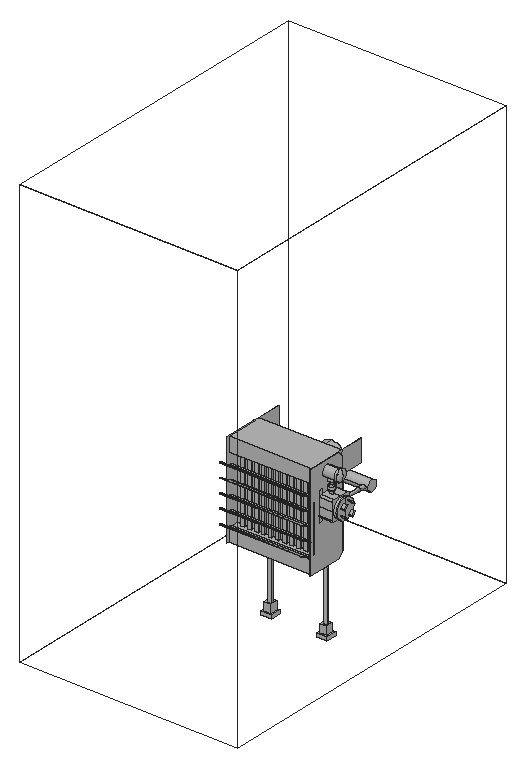
Revit family "Heater-BERKO-Explosion_Proof_Unit", category Mechanical Equipment, host Face, Revit 2020 (continued)
Definition of nested family "Unit_Heater"
  Dimensions and locks (in)
    aligned and locked: Extrusion 14 to Extrusion 4
    aligned and locked: Extrusion 15 to Extrusion 4
    aligned and locked: Extrusion 16 to Extrusion 4
    aligned and locked: Extrusion 17 to Extrusion 4
    aligned and locked: Extrusion 18 to Extrusion 4
    aligned and locked: Extrusion 19 to Extrusion 4
    aligned and locked: Extrusion 20 to Extrusion 4
    aligned and locked: Extrusion 21 to Extrusion 4
    aligned and locked: Extrusion 22 to Extrusion 4
    aligned and locked: Extrusion 66 to Revolve 50
    aligned and locked: plane 7 to Extrusion 66
    aligned and locked: Extrusion 82 to Extrusion 4
    aligned and locked: Extrusion 119 to plane 8
    aligned and locked: plane 4 to Extrusion 119
    aligned and locked: Extrusion 119 to plane 5
    aligned and locked: plane 1 "Center (Front/Back)" to Extrusion 119
    aligned and locked: plane 4 to Extrusion 120
    aligned and locked: Extrusion 120 to Extrusion 51
    aligned and locked: cut or joined group of Extrusion 119, Extrusion 120 to Extrusion 121  (x2)
    aligned and locked: cut or joined group of Extrusion 119, Extrusion 120 to Extrusion 122
    aligned and locked: cut or joined group of Extrusion 119, Extrusion 120 to Extrusion 123
    aligned and locked: cut or joined group of Extrusion 119, Extrusion 120 to Extrusion 124  (x2)
    aligned and locked: Extrusion 127 to plane 9
    aligned and locked: plane 10 to Extrusion 127
    aligned and locked: Extrusion 127 to plane 11
    aligned and locked: Extrusion 127 to plane 12
    aligned and locked: plane 13 to Extrusion 127
    aligned and locked: plane 12 to Extrusion 127
    aligned and locked: Extrusion 127 to plane 13
    aligned and locked: Extrusion 127 to plane 10
    aligned and locked: plane 6 to Extrusion 127
  Automatic sketch dimensions
    Revolve 50 sketch curve to Revolve 50 sketch curve = 0' - 0.34851"
    Revolve 50 sketch curve to Revolve 50 sketch curve = 0' - 1.38159"
    Revolve 50 sketch curve to Revolve 50 sketch curve = 0' - 0 35/256"
    Revolve 50 sketch curve to Revolve 50 sketch curve = 0' - 0"  (x2)
    Revolve 50 sketch curve to Revolve 50 sketch curve = 0' - 0 1/4"
    Extrusion 51 sketch curve to Extrusion 51 sketch curve = 0' - 0 1/2"  (x3)
    Extrusion 51 sketch curve to Extrusion 51 sketch curve = 0' - 2 99/256"  (x7)
    Extrusion 51 sketch curve to Extrusion 51 sketch curve = 0' - 0"  (x4)
    Extrusion 52 sketch curve to Extrusion 52 sketch curve = 0' - 0.37513"
    Extrusion 52 sketch curve to Extrusion 52 sketch curve = 0' - 0 1/2"  (x3)
    Extrusion 52 sketch curve to Extrusion 52 sketch curve = 0' - 0.24973"
    Extrusion 52 sketch curve to Extrusion 52 sketch curve = 0' - 0 3/4"
    Extrusion 52 sketch curve to Extrusion 52 sketch curve = 0' - 0"
    Extrusion 53 sketch curve to Extrusion 53 sketch curve = 0' - 0.37513"
    Extrusion 53 sketch curve to Extrusion 53 sketch curve = 0' - 0 1/2"  (x3)
    Extrusion 53 sketch curve to Extrusion 53 sketch curve = 0' - 0.24973"
    Extrusion 53 sketch curve to Extrusion 53 sketch curve = 0' - 0 3/4"
    Extrusion 53 sketch curve to Extrusion 53 sketch curve = 0' - 0"
    Extrusion 54 sketch curve to Extrusion 54 sketch curve = 0' - 0.37513"
    Extrusion 54 sketch curve to Extrusion 54 sketch curve = 0' - 0 1/2"  (x3)
    Extrusion 54 sketch curve to Extrusion 54 sketch curve = 0' - 0.24973"
    Extrusion 54 sketch curve to Extrusion 54 sketch curve = 0' - 0 3/4"
    Extrusion 54 sketch curve to Extrusion 54 sketch curve = 0' - 0"
    Extrusion 55 sketch curve to Extrusion 55 sketch curve = 0' - 0.37513"
    Extrusion 55 sketch curve to Extrusion 55 sketch curve = 0' - 0 1/2"  (x3)
    Extrusion 55 sketch curve to Extrusion 55 sketch curve = 0' - 0.24973"
    Extrusion 55 sketch curve to Extrusion 55 sketch curve = 0' - 0 3/4"
    Extrusion 55 sketch curve to Extrusion 55 sketch curve = 0' - 0"
    Revolve 56 sketch curve to Revolve 56 sketch curve = 0' - 0"  (x2)
    Revolve 56 sketch curve to Revolve 56 sketch curve = 0' - 0 1/4"
    Revolve 56 sketch curve to Revolve 56 sketch curve = 0' - 0.34661"
    Revolve 56 sketch curve to Revolve 56 sketch curve = 0' - 0.16732"
    Revolve 56 sketch curve to Revolve 56 sketch curve = 0' - 0.15339"
    Revolve 56 sketch curve to Revolve 56 sketch curve = 0' - 0.41732"
    Revolve 56 sketch curve to Revolve 56 sketch curve = 0' - 0 1/2"  (x3)
    Revolve 56 sketch curve to Revolve 56 sketch curve = 0' - 1.15798"
    Revolve 56 sketch curve to Revolve 56 sketch curve = 0' - 1.42626"
    Revolve 56 sketch curve to Revolve 56 sketch curve = 0' - 0.81406"
    Revolve 57 sketch curve to Revolve 57 sketch curve = 0' - 0.57859"  (x2)
    Revolve 57 sketch curve to Revolve 57 sketch curve = 0' - 1.85294"
    Revolve 57 sketch curve to Revolve 57 sketch curve = 0' - 1.8364"
    Revolve 57 sketch curve to Revolve 57 sketch curve = 0' - 1.50877"
    Revolve 57 sketch curve to Revolve 57 sketch curve = 0' - 0.17621"
    Revolve 57 sketch curve to Revolve 57 sketch curve = 0' - 0"  (x2)
    Revolve 57 sketch curve to Revolve 57 sketch curve = 0' - 0 1/2"
    Revolve 50 sketch curve to Revolve 50 sketch curve = 0' - 2 3/4"
    Revolve 56 sketch curve to Revolve 56 sketch curve = 0' - 1.7597"
    Revolve 56 sketch curve to Revolve 56 sketch curve = 0' - 0.31406"
    curve 1 to curve 1 = 0' - 1 1/4"
    Revolve 58 sketch curve to Revolve 58 sketch curve = 0' - 0.34851"
    Revolve 58 sketch curve to Revolve 58 sketch curve = 0' - 1.38159"
    Revolve 58 sketch curve to Revolve 58 sketch curve = 0' - 0 35/256"
    Revolve 58 sketch curve to Revolve 58 sketch curve = 0' - 0"  (x2)
    Revolve 58 sketch curve to Revolve 58 sketch curve = 0' - 0 1/4"
    Extrusion 59 sketch curve to Extrusion 59 sketch curve = 0' - 0 1/2"  (x3)
    Extrusion 59 sketch curve to Extrusion 59 sketch curve = 0' - 2 99/256"  (x7)
    Extrusion 59 sketch curve to Extrusion 59 sketch curve = 0' - 0"  (x4)
    Extrusion 60 sketch curve to Extrusion 60 sketch curve = 0' - 0.37513"
    Extrusion 60 sketch curve to Extrusion 60 sketch curve = 0' - 0 1/2"  (x3)
    Extrusion 60 sketch curve to Extrusion 60 sketch curve = 0' - 0.24973"
    Extrusion 60 sketch curve to Extrusion 60 sketch curve = 0' - 0 3/4"
    Extrusion 60 sketch curve to Extrusion 60 sketch curve = 0' - 0"
    Extrusion 61 sketch curve to Extrusion 61 sketch curve = 0' - 0.37513"
    Extrusion 61 sketch curve to Extrusion 61 sketch curve = 0' - 0 1/2"  (x3)
    Extrusion 61 sketch curve to Extrusion 61 sketch curve = 0' - 0.24973"
    Extrusion 61 sketch curve to Extrusion 61 sketch curve = 0' - 0 3/4"
    Extrusion 61 sketch curve to Extrusion 61 sketch curve = 0' - 0"
    Extrusion 62 sketch curve to Extrusion 62 sketch curve = 0' - 0.37513"
    Extrusion 62 sketch curve to Extrusion 62 sketch curve = 0' - 0 1/2"  (x3)
    Extrusion 62 sketch curve to Extrusion 62 sketch curve = 0' - 0.24973"
    Extrusion 62 sketch curve to Extrusion 62 sketch curve = 0' - 0 3/4"
    Extrusion 62 sketch curve to Extrusion 62 sketch curve = 0' - 0"
    Extrusion 63 sketch curve to Extrusion 63 sketch curve = 0' - 0.37513"
    Extrusion 63 sketch curve to Extrusion 63 sketch curve = 0' - 0 1/2"  (x3)
    Extrusion 63 sketch curve to Extrusion 63 sketch curve = 0' - 0.24973"
    Extrusion 63 sketch curve to Extrusion 63 sketch curve = 0' - 0 3/4"
    Extrusion 63 sketch curve to Extrusion 63 sketch curve = 0' - 0"
    Revolve 64 sketch curve to Revolve 64 sketch curve = 0' - 0"  (x2)
    Revolve 64 sketch curve to Revolve 64 sketch curve = 0' - 0 1/4"
    Revolve 64 sketch curve to Revolve 64 sketch curve = 0' - 0.34661"
    Revolve 64 sketch curve to Revolve 64 sketch curve = 0' - 0.16732"
    Revolve 64 sketch curve to Revolve 64 sketch curve = 0' - 0.15339"
    Revolve 64 sketch curve to Revolve 64 sketch curve = 0' - 0.41732"
    Revolve 64 sketch curve to Revolve 64 sketch curve = 0' - 0 1/2"  (x3)
    Revolve 64 sketch curve to Revolve 64 sketch curve = 0' - 1.15798"
    Revolve 64 sketch curve to Revolve 64 sketch curve = 0' - 1.42626"
    Revolve 64 sketch curve to Revolve 64 sketch curve = 0' - 0.81406"
    Revolve 65 sketch curve to Revolve 65 sketch curve = 0' - 0.57859"  (x2)
    Revolve 65 sketch curve to Revolve 65 sketch curve = 0' - 1.85294"
    Revolve 65 sketch curve to Revolve 65 sketch curve = 0' - 1.8364"
    Revolve 65 sketch curve to Revolve 65 sketch curve = 0' - 1.50877"
    Revolve 65 sketch curve to Revolve 65 sketch curve = 0' - 0.17621"
    Revolve 65 sketch curve to Revolve 65 sketch curve = 0' - 0"  (x2)
    Revolve 65 sketch curve to Revolve 65 sketch curve = 0' - 0 1/2"
    Revolve 58 sketch curve to Revolve 58 sketch curve = 0' - 2 3/4"
    Revolve 64 sketch curve to Revolve 64 sketch curve = 0' - 1.7597"
    Revolve 64 sketch curve to Revolve 64 sketch curve = 0' - 0.31406"
    curve 2 to curve 2 = 0' - 1 1/4"
    Extrusion 66 sketch curve to Extrusion 66 sketch curve = 0' - 0"  (x2)
    Extrusion 66 sketch curve to Extrusion 66 sketch curve = 0' - 0.08839"  (x8)
    Extrusion 66 sketch curve to Extrusion 66 sketch curve = 0' - 1.06066"  (x4)
    Extrusion 66 sketch curve to Extrusion 66 sketch curve = 0' - 1.64929"  (x4)
    Revolve 68 sketch curve to Revolve 68 sketch curve = 0' - 0 1/2"
    Revolve 68 sketch curve to Revolve 68 sketch curve = 0' - 0 5/32"
    Revolve 68 sketch curve to Revolve 68 sketch curve = 0' - 0 3/4"
    Revolve 68 sketch curve to Revolve 68 sketch curve = 0' - 0"
    Revolve 68 sketch curve to Revolve 68 sketch curve = 0' - 2"
    Revolve 68 sketch curve to Revolve 68 sketch curve = 0' - 9 11/32"
    Revolve 68 sketch curve to Revolve 68 sketch curve = 0' - 3"
    Extrusion 69 sketch curve to Extrusion 69 sketch curve = 0' - 4.12905"
    Extrusion 69 sketch curve to Extrusion 69 sketch curve = 0' - 2.22711"
    Revolve 70 sketch curve to Revolve 70 sketch curve = 0' - 0 1/2"
    Revolve 70 sketch curve to Revolve 70 sketch curve = 0' - 0 5/32"
    Revolve 70 sketch curve to Revolve 70 sketch curve = 0' - 0 3/4"
    Revolve 70 sketch curve to Revolve 70 sketch curve = 0' - 0"
    Revolve 70 sketch curve to Revolve 70 sketch curve = 0' - 2"
    Revolve 70 sketch curve to Revolve 70 sketch curve = 0' - 9 11/32"
    Revolve 70 sketch curve to Revolve 70 sketch curve = 0' - 3"
    Revolve 72 sketch curve to Revolve 72 sketch curve = 0' - 2.65878"
    Revolve 72 sketch curve to Revolve 72 sketch curve = 0' - 0.40211"
    Revolve 72 sketch curve to Revolve 72 sketch curve = 0' - 0.16268"
    Revolve 72 sketch curve to Revolve 72 sketch curve = 0' - 0.63428"
    Revolve 72 sketch curve to Revolve 72 sketch curve = 0' - 0 3/4"
    Revolve 72 sketch curve to Revolve 72 sketch curve = 0' - 0"
    Revolve 72 sketch curve to Revolve 72 sketch curve = 0' - 8.51314"
    Extrusion 73 sketch curve to Extrusion 73 sketch curve = 0' - 0 3/8"
    Extrusion 74 sketch curve to Extrusion 74 sketch curve = 0' - 0 3/8"
    Extrusion 75 sketch curve to Extrusion 75 sketch curve = 0' - 0 3/8"
    Extrusion 76 sketch curve to Extrusion 76 sketch curve = 0' - 0 3/8"
    Extrusion 77 sketch curve to Extrusion 77 sketch curve = 0' - 0 3/8"
    Extrusion 78 sketch curve to Extrusion 78 sketch curve = 0' - 0 3/8"
    Extrusion 84 sketch curve to Extrusion 84 sketch curve = 0' - 0 3/8"
    Extrusion 85 sketch curve to Extrusion 85 sketch curve = 0' - 0 3/8"
    Extrusion 86 sketch curve to Extrusion 86 sketch curve = 0' - 0 3/8"
    Extrusion 87 sketch curve to Extrusion 87 sketch curve = 0' - 0 3/8"
    Extrusion 88 sketch curve to Extrusion 88 sketch curve = 0' - 0 3/8"
    Extrusion 84 sketch curve to Extrusion 84 sketch curve = 1' - 11 5/8"
    Extrusion 85 sketch curve to Extrusion 85 sketch curve = 1' - 11 5/8"
    Extrusion 86 sketch curve to Extrusion 86 sketch curve = 1' - 11 5/8"
    Extrusion 87 sketch curve to Extrusion 87 sketch curve = 1' - 11 5/8"
    Extrusion 88 sketch curve to Extrusion 88 sketch curve = 1' - 11 5/8"
    Extrusion 89 sketch curve to Extrusion 89 sketch curve = 0' - 0 3/8"
    Extrusion 90 sketch curve to Extrusion 90 sketch curve = 0' - 0 3/8"
    Extrusion 91 sketch curve to Extrusion 91 sketch curve = 0' - 0 3/8"
    Extrusion 92 sketch curve to Extrusion 92 sketch curve = 0' - 0 3/8"
    Extrusion 93 sketch curve to Extrusion 93 sketch curve = 0' - 0 3/8"
    Extrusion 89 sketch curve to Extrusion 89 sketch curve = 1' - 11 5/8"
    Extrusion 90 sketch curve to Extrusion 90 sketch curve = 1' - 11 5/8"
    Extrusion 91 sketch curve to Extrusion 91 sketch curve = 1' - 11 5/8"
    Extrusion 92 sketch curve to Extrusion 92 sketch curve = 1' - 11 5/8"
    Extrusion 93 sketch curve to Extrusion 93 sketch curve = 1' - 11 5/8"
    Extrusion 73 sketch curve to Extrusion 73 sketch curve = 1' - 7 5/8"
    Extrusion 74 sketch curve to Extrusion 74 sketch curve = 1' - 7 5/8"
    Extrusion 75 sketch curve to Extrusion 75 sketch curve = 1' - 7 5/8"
    Extrusion 76 sketch curve to Extrusion 76 sketch curve = 1' - 7 5/8"
    Extrusion 77 sketch curve to Extrusion 77 sketch curve = 1' - 7 5/8"
    Extrusion 78 sketch curve to Extrusion 78 sketch curve = 1' - 7 5/8"
    Extrusion 94 sketch curve to Extrusion 94 sketch curve = 0' - 0 3/8"
    Extrusion 95 sketch curve to Extrusion 95 sketch curve = 0' - 0 3/8"
    Extrusion 96 sketch curve to Extrusion 96 sketch curve = 0' - 0 3/8"
    Extrusion 97 sketch curve to Extrusion 97 sketch curve = 0' - 0 3/8"
    Extrusion 98 sketch curve to Extrusion 98 sketch curve = 0' - 0 3/8"
    Extrusion 99 sketch curve to Extrusion 99 sketch curve = 0' - 0 3/8"
    Extrusion 94 sketch curve to Extrusion 94 sketch curve = 1' - 7 5/8"
    Extrusion 95 sketch curve to Extrusion 95 sketch curve = 1' - 7 5/8"
    Extrusion 96 sketch curve to Extrusion 96 sketch curve = 1' - 7 5/8"
    Extrusion 97 sketch curve to Extrusion 97 sketch curve = 1' - 7 5/8"
    Extrusion 98 sketch curve to Extrusion 98 sketch curve = 1' - 7 5/8"
    Extrusion 99 sketch curve to Extrusion 99 sketch curve = 1' - 7 5/8"
    Extrusion 100 sketch curve to Extrusion 100 sketch curve = 0' - 0 3/8"
    Extrusion 100 sketch curve to Extrusion 100 sketch curve = 1' - 11 5/8"
    Extrusion 101 sketch curve to Extrusion 101 sketch curve = 0' - 0 3/8"
    Extrusion 101 sketch curve to Extrusion 101 sketch curve = 1' - 11 5/8"
    Extrusion 102 sketch curve to Extrusion 102 sketch curve = 0' - 0 3/8"
    Extrusion 102 sketch curve to Extrusion 102 sketch curve = 1' - 11 5/8"
    Extrusion 103 sketch curve to Extrusion 103 sketch curve = 0' - 0 3/8"
    Extrusion 103 sketch curve to Extrusion 103 sketch curve = 1' - 11 5/8"
    Extrusion 104 sketch curve to Extrusion 104 sketch curve = 0' - 0 3/8"
    Extrusion 104 sketch curve to Extrusion 104 sketch curve = 1' - 11 5/8"
    Extrusion 17 sketch curve to Extrusion 17 sketch curve = 0' - 0 3/4"
    Extrusion 17 sketch curve to Extrusion 17 sketch curve = 0' - 0 1/2"  (x3)
    Extrusion 18 sketch curve to Extrusion 18 sketch curve = 0' - 0 3/4"
    Extrusion 18 sketch curve to Extrusion 18 sketch curve = 0' - 0 1/2"  (x3)
    Extrusion 19 sketch curve to Extrusion 19 sketch curve = 0' - 0 3/4"
    Extrusion 19 sketch curve to Extrusion 19 sketch curve = 0' - 0 1/2"  (x3)
    Extrusion 20 sketch curve to Extrusion 20 sketch curve = 0' - 0 3/4"
    Extrusion 20 sketch curve to Extrusion 20 sketch curve = 0' - 0 1/2"  (x3)
    Extrusion 22 sketch curve to Extrusion 22 sketch curve = 0' - 0 3/4"
    Extrusion 22 sketch curve to Extrusion 22 sketch curve = 0' - 0 1/2"  (x3)
    Extrusion 82 sketch curve to Extrusion 82 sketch curve = 0' - 0 3/4"
    Extrusion 82 sketch curve to Extrusion 82 sketch curve = 0' - 0 1/2"  (x3)
    Extrusion 105 sketch curve to Extrusion 105 sketch curve = 0' - 0 3/8"
    Extrusion 105 sketch curve to Extrusion 105 sketch curve = 1' - 11 5/8"
    Extrusion 112 sketch curve to Extrusion 112 sketch curve = 0' - 0 3/4"
    Extrusion 112 sketch curve to Extrusion 112 sketch curve = 0' - 0 1/2"  (x3)
    Extrusion 113 sketch curve to Extrusion 113 sketch curve = 0' - 0 3/4"
    Extrusion 113 sketch curve to Extrusion 113 sketch curve = 0' - 0 1/2"  (x3)
    Extrusion 114 sketch curve to Extrusion 114 sketch curve = 0' - 0 3/4"
    Extrusion 114 sketch curve to Extrusion 114 sketch curve = 0' - 0 1/2"  (x3)
    Extrusion 115 sketch curve to Extrusion 115 sketch curve = 0' - 0 3/4"
    Extrusion 115 sketch curve to Extrusion 115 sketch curve = 0' - 0 1/2"  (x3)
    Extrusion 116 sketch curve to Extrusion 116 sketch curve = 0' - 0 3/4"
    Extrusion 116 sketch curve to Extrusion 116 sketch curve = 0' - 0 1/2"  (x3)
    Extrusion 117 sketch curve to Extrusion 117 sketch curve = 0' - 0 3/4"
    Extrusion 117 sketch curve to Extrusion 117 sketch curve = 0' - 0 1/2"  (x3)
    Extrusion 1 sketch curve to Extrusion 1 sketch curve = 8' - 0"  (x2)
    Extrusion 2 sketch curve to plane 8 = 0' - 0"
    Extrusion 2 sketch curve to plane 6 = 0' - 0"
    Extrusion 2 sketch curve to level = 0' - 0"
    Extrusion 2 sketch curve to plane 4 = 0' - 0"
    plane 8 to Extrusion 2 sketch curve = 0' - 1 1/4"  (x2)
    level to Extrusion 2 sketch curve = 0' - 1.25482"
    Extrusion 3 sketch curve to plane 8 = 0' - 0"
    Extrusion 3 sketch curve to plane 6 = 0' - 0"
    Extrusion 3 sketch curve to level = 0' - 0"
    Extrusion 3 sketch curve to plane 4 = 0' - 0"
    plane 8 to Extrusion 3 sketch curve = 0' - 1 1/4"  (x2)
    level to Extrusion 3 sketch curve = 0' - 1.25482"
    Extrusion 4 sketch curve to plane 8 = 0' - 0"
    Extrusion 4 sketch curve to plane 6 = 0' - 0"
    Extrusion 4 sketch curve to level = 0' - 0"
    plane 8 to Extrusion 4 sketch curve = 0' - 1 1/4"
    Extrusion 4 sketch curve to plane 4 = 0' - 3 1/2"
    Extrusion 4 sketch curve to plane 4 = 0' - 0 1/2"
    Extrusion 4 sketch curve to Extrusion 4 sketch curve = 0' - 1"
    Extrusion 5 sketch curve to plane 4 = 0' - 1"
    Extrusion 5 sketch curve to Extrusion 5 sketch curve = 0' - 0"
    plane 4 to Extrusion 5 sketch curve = 0' - 2.59536"
    level to Extrusion 5 sketch curve = 0' - 9.31289"
    Extrusion 6 sketch curve to plane 4 = 0' - 1"
    Extrusion 6 sketch curve to Extrusion 6 sketch curve = 0' - 0"
    plane 4 to Extrusion 6 sketch curve = 0' - 2.59536"
    level to Extrusion 6 sketch curve = 0' - 5.36289"
    Extrusion 7 sketch curve to plane 4 = 0' - 1"
    Extrusion 7 sketch curve to Extrusion 7 sketch curve = 0' - 0"
    plane 4 to Extrusion 7 sketch curve = 0' - 2.59536"
    Extrusion 7 sketch curve to plane 6 = 0' - 6.11211"
    Extrusion 8 sketch curve to plane 4 = 0' - 1"
    Extrusion 8 sketch curve to Extrusion 8 sketch curve = 0' - 0"
    plane 4 to Extrusion 8 sketch curve = 0' - 2.59536"
    level to Extrusion 8 sketch curve = 1' - 1.26289"
    Extrusion 9 sketch curve to plane 4 = 0' - 1"
    Extrusion 9 sketch curve to Extrusion 9 sketch curve = 0' - 0"
    plane 4 to Extrusion 9 sketch curve = 0' - 2.59536"
    Extrusion 9 sketch curve to plane 6 = 0' - 10.16211"
    Extrusion 10 sketch curve to plane 1 "Center (Front/Back)" = 0' - 1 5/8"
    Extrusion 10 sketch curve to plane 4 = 0' - 3 1/2"
    Extrusion 10 sketch curve to Extrusion 10 sketch curve = 0' - 0 3/4"
    Extrusion 10 sketch curve to Extrusion 10 sketch curve = 0' - 0 1/2"  (x3)
    Extrusion 11 sketch curve to plane 4 = 0' - 3 1/2"
    Extrusion 11 sketch curve to Extrusion 11 sketch curve = 0' - 0 3/4"
    Extrusion 11 sketch curve to plane 1 "Center (Front/Back)" = 0' - 3 1/8"
    Extrusion 11 sketch curve to Extrusion 11 sketch curve = 0' - 0 1/2"  (x3)
    Extrusion 12 sketch curve to plane 4 = 0' - 3 1/2"
    Extrusion 12 sketch curve to Extrusion 12 sketch curve = 0' - 0 3/4"
    Extrusion 12 sketch curve to plane 1 "Center (Front/Back)" = 0' - 5 1/8"
    Extrusion 12 sketch curve to Extrusion 12 sketch curve = 0' - 0 1/2"  (x3)
    Extrusion 13 sketch curve to plane 4 = 0' - 3 1/2"
    Extrusion 13 sketch curve to Extrusion 13 sketch curve = 0' - 0 3/4"
    Extrusion 13 sketch curve to plane 1 "Center (Front/Back)" = 0' - 7 1/8"
    Extrusion 13 sketch curve to Extrusion 13 sketch curve = 0' - 0 1/2"  (x3)
    Extrusion 14 sketch curve to plane 4 = 0' - 3 1/2"
    Extrusion 14 sketch curve to Extrusion 14 sketch curve = 0' - 0 3/4"
    plane 5 to Extrusion 14 sketch curve = 0' - 6 15/16"
    Extrusion 14 sketch curve to Extrusion 14 sketch curve = 0' - 0 1/2"  (x3)
    Extrusion 15 sketch curve to plane 4 = 0' - 3 1/2"
    Extrusion 15 sketch curve to Extrusion 15 sketch curve = 0' - 0 3/4"
    plane 5 to Extrusion 15 sketch curve = 0' - 4 15/16"
    Extrusion 15 sketch curve to Extrusion 15 sketch curve = 0' - 0 1/2"  (x3)
    Extrusion 16 sketch curve to plane 4 = 0' - 3 1/2"
    Extrusion 16 sketch curve to Extrusion 16 sketch curve = 0' - 0 3/4"
    plane 5 to Extrusion 16 sketch curve = 0' - 2 15/16"
    Extrusion 16 sketch curve to Extrusion 16 sketch curve = 0' - 0 1/2"  (x3)
    Extrusion 21 sketch curve to plane 4 = 0' - 3 1/2"
    Extrusion 21 sketch curve to Extrusion 21 sketch curve = 0' - 0 3/4"
    plane 5 to Extrusion 21 sketch curve = 0' - 6 15/16"
    Extrusion 21 sketch curve to Extrusion 21 sketch curve = 0' - 0 1/2"  (x3)
    Extrusion 23 sketch curve to plane 1 "Center (Front/Back)" = 0' - 0 11/32"
    Extrusion 23 sketch curve to Extrusion 23 sketch curve = 0' - 0 3/8"
    level to Extrusion 23 sketch curve = 0' - 2 1/2"
    Extrusion 23 sketch curve to plane 6 = 0' - 1 1/4"
    Extrusion 24 sketch curve to plane 1 "Center (Front/Back)" = 0' - 1 3/32"
    Extrusion 24 sketch curve to Extrusion 24 sketch curve = 0' - 0 3/8"
    level to Extrusion 24 sketch curve = 0' - 2 1/2"
    Extrusion 24 sketch curve to plane 6 = 0' - 1 1/4"
    Extrusion 25 sketch curve to plane 1 "Center (Front/Back)" = 0' - 1 27/32"
    Extrusion 25 sketch curve to Extrusion 25 sketch curve = 0' - 0 3/8"
    level to Extrusion 25 sketch curve = 0' - 2 1/2"
    Extrusion 25 sketch curve to plane 6 = 0' - 1 1/4"
    Extrusion 26 sketch curve to plane 6 = 0' - 1 1/4"
    Extrusion 26 sketch curve to plane 1 "Center (Front/Back)" = 0' - 2 19/32"
    Extrusion 26 sketch curve to Extrusion 26 sketch curve = 0' - 0 3/8"
    level to Extrusion 26 sketch curve = 0' - 2 1/2"
    Extrusion 27 sketch curve to plane 6 = 0' - 1 1/4"
    Extrusion 27 sketch curve to plane 1 "Center (Front/Back)" = 0' - 3 11/32"
    Extrusion 27 sketch curve to Extrusion 27 sketch curve = 0' - 0 3/8"
    level to Extrusion 27 sketch curve = 0' - 2 1/2"
    Extrusion 28 sketch curve to plane 6 = 0' - 1 1/4"
    Extrusion 28 sketch curve to plane 1 "Center (Front/Back)" = 0' - 4 3/32"
    Extrusion 28 sketch curve to Extrusion 28 sketch curve = 0' - 0 3/8"
    level to Extrusion 28 sketch curve = 0' - 2 1/2"
    Extrusion 29 sketch curve to plane 6 = 0' - 1 1/4"
    Extrusion 29 sketch curve to plane 1 "Center (Front/Back)" = 0' - 4 27/32"
    Extrusion 29 sketch curve to Extrusion 29 sketch curve = 0' - 0 3/8"
    level to Extrusion 29 sketch curve = 0' - 2 1/2"
    Extrusion 30 sketch curve to plane 6 = 0' - 1 1/4"
    Extrusion 30 sketch curve to plane 1 "Center (Front/Back)" = 0' - 5 19/32"
    Extrusion 30 sketch curve to Extrusion 30 sketch curve = 0' - 0 3/8"
    level to Extrusion 30 sketch curve = 0' - 2 1/2"
    Extrusion 31 sketch curve to plane 6 = 0' - 1 1/4"
    Extrusion 31 sketch curve to plane 1 "Center (Front/Back)" = 0' - 6 11/32"
    Extrusion 31 sketch curve to Extrusion 31 sketch curve = 0' - 0 3/8"
    level to Extrusion 31 sketch curve = 0' - 2 1/2"
    Extrusion 32 sketch curve to plane 6 = 0' - 1 1/4"
    Extrusion 32 sketch curve to plane 1 "Center (Front/Back)" = 0' - 7 3/32"
    Extrusion 32 sketch curve to Extrusion 32 sketch curve = 0' - 0 3/8"
    level to Extrusion 32 sketch curve = 0' - 2 1/2"
    Extrusion 33 sketch curve to plane 6 = 0' - 1 1/4"
    Extrusion 33 sketch curve to plane 1 "Center (Front/Back)" = 0' - 7 27/32"
    Extrusion 33 sketch curve to Extrusion 33 sketch curve = 0' - 0 3/8"
    level to Extrusion 33 sketch curve = 0' - 2 1/2"
    Extrusion 34 sketch curve to plane 6 = 0' - 1 1/4"
    plane 5 to Extrusion 34 sketch curve = 0' - 7 15/32"
    Extrusion 34 sketch curve to Extrusion 34 sketch curve = 0' - 0 3/8"
    level to Extrusion 34 sketch curve = 0' - 2 1/2"
    Extrusion 35 sketch curve to plane 6 = 0' - 1 1/4"
    plane 5 to Extrusion 35 sketch curve = 0' - 6 23/32"
    Extrusion 35 sketch curve to Extrusion 35 sketch curve = 0' - 0 3/8"
    level to Extrusion 35 sketch curve = 0' - 2 1/2"
    Extrusion 36 sketch curve to plane 6 = 0' - 1 1/4"
    plane 5 to Extrusion 36 sketch curve = 0' - 5 31/32"
    Extrusion 36 sketch curve to Extrusion 36 sketch curve = 0' - 0 3/8"
    level to Extrusion 36 sketch curve = 0' - 2 1/2"
    Extrusion 37 sketch curve to plane 6 = 0' - 1 1/4"
    plane 5 to Extrusion 37 sketch curve = 0' - 5 7/32"
    Extrusion 37 sketch curve to Extrusion 37 sketch curve = 0' - 0 3/8"
    level to Extrusion 37 sketch curve = 0' - 2 1/2"
    Extrusion 38 sketch curve to plane 6 = 0' - 1 1/4"
    plane 5 to Extrusion 38 sketch curve = 0' - 4 15/32"
    Extrusion 38 sketch curve to Extrusion 38 sketch curve = 0' - 0 3/8"
    level to Extrusion 38 sketch curve = 0' - 2 1/2"
    Extrusion 39 sketch curve to plane 6 = 0' - 1 1/4"
    plane 5 to Extrusion 39 sketch curve = 0' - 3 23/32"
    Extrusion 39 sketch curve to Extrusion 39 sketch curve = 0' - 0 3/8"
    level to Extrusion 39 sketch curve = 0' - 2 1/2"
    Extrusion 40 sketch curve to plane 6 = 0' - 1 1/4"
    plane 5 to Extrusion 40 sketch curve = 0' - 2 31/32"
    Extrusion 40 sketch curve to Extrusion 40 sketch curve = 0' - 0 3/8"
    level to Extrusion 40 sketch curve = 0' - 2 1/2"
    plane 5 to Extrusion 41 sketch curve = 0' - 2 7/32"
    Extrusion 41 sketch curve to Extrusion 41 sketch curve = 0' - 0 3/8"
    level to Extrusion 41 sketch curve = 0' - 2 1/2"
    Extrusion 41 sketch curve to plane 6 = 0' - 1 1/4"
    plane 5 to Extrusion 42 sketch curve = 0' - 1 15/32"
    Extrusion 42 sketch curve to Extrusion 42 sketch curve = 0' - 0 3/8"
    level to Extrusion 42 sketch curve = 0' - 2 1/2"
    Extrusion 42 sketch curve to plane 6 = 0' - 1 1/4"
    plane 5 to Extrusion 43 sketch curve = 0' - 0 23/32"
    plane 5 to Extrusion 43 sketch curve = 0' - 0 11/32"
    level to Extrusion 43 sketch curve = 0' - 2 1/2"
    Extrusion 43 sketch curve to plane 6 = 0' - 1 1/4"
    Extrusion 44 sketch curve to plane 6 = 0' - 1 1/4"
    plane 5 to Extrusion 44 sketch curve = 0' - 7 15/32"
    Extrusion 44 sketch curve to Extrusion 44 sketch curve = 0' - 0 3/8"
    level to Extrusion 44 sketch curve = 0' - 2 1/2"
    Extrusion 45 sketch curve to plane 6 = 0' - 1 1/4"
    plane 5 to Extrusion 45 sketch curve = 0' - 6 23/32"
    Extrusion 45 sketch curve to Extrusion 45 sketch curve = 0' - 0 3/8"
    level to Extrusion 45 sketch curve = 0' - 2 1/2"
    Extrusion 46 sketch curve to plane 6 = 0' - 1 1/4"
    plane 5 to Extrusion 46 sketch curve = 0' - 5 31/32"
    Extrusion 46 sketch curve to Extrusion 46 sketch curve = 0' - 0 3/8"
    level to Extrusion 46 sketch curve = 0' - 2 1/2"
    Extrusion 47 sketch curve to plane 6 = 0' - 1 1/4"
    plane 5 to Extrusion 47 sketch curve = 0' - 5 7/32"
    Extrusion 47 sketch curve to Extrusion 47 sketch curve = 0' - 0 3/8"
    level to Extrusion 47 sketch curve = 0' - 2 1/2"
    Extrusion 48 sketch curve to plane 6 = 0' - 1 1/4"
    plane 5 to Extrusion 48 sketch curve = 0' - 4 15/32"
    Extrusion 48 sketch curve to Extrusion 48 sketch curve = 0' - 0 3/8"
    level to Extrusion 48 sketch curve = 0' - 2 1/2"
    Extrusion 49 sketch curve to level = 0' - 0"  (x2)
    Extrusion 49 sketch curve to plane 1 "Center (Front/Back)" = 0' - 0 1/8"
    Extrusion 49 sketch curve to Extrusion 49 sketch curve = 0' - 0 1/8"  (x2)
    plane 5 to Extrusion 49 sketch curve = 0' - 0 1/4"
    plane 5 to Extrusion 49 sketch curve = 0' - 0 1/8"
    level to Extrusion 49 sketch curve = 0' - 6 35/256"
    Extrusion 83 sketch curve to plane 6 = 0' - 1 1/4"
    Extrusion 83 sketch curve to plane 1 "Center (Front/Back)" = 0' - 7 27/32"
    Extrusion 83 sketch curve to Extrusion 83 sketch curve = 0' - 0 3/8"
    level to Extrusion 83 sketch curve = 0' - 2 1/2"
    Extrusion 118 sketch curve to plane 4 = 0' - 1"
    Extrusion 118 sketch curve to Extrusion 118 sketch curve = 0' - 0"
    plane 4 to Extrusion 118 sketch curve = 0' - 2.59536"
    level to Extrusion 118 sketch curve = 1' - 1.26289"
    Extrusion 119 sketch curve to plane 6 = 0' - 0"
    Extrusion 119 sketch curve to plane 8 = 0' - 0"
    Extrusion 119 sketch curve to level = 0' - 0"
    Extrusion 119 sketch curve to plane 4 = 0' - 0"
    Extrusion 121 sketch curve to plane 4 = 0' - 0 1/2"
    plane 4 to Extrusion 121 sketch curve = 0' - 2.59536"
    level to Extrusion 121 sketch curve = 0' - 5.36289"
    Extrusion 121 sketch curve to Extrusion 121 sketch curve = 0' - 0 1/8"  (x2)
    Extrusion 121 sketch curve to Extrusion 121 sketch curve = 0' - 1.66211"
    Extrusion 122 sketch curve to plane 4 = 0' - 0 1/2"
    plane 4 to Extrusion 122 sketch curve = 0' - 2.59536"
    level to Extrusion 122 sketch curve = 0' - 9.31289"
    Extrusion 122 sketch curve to Extrusion 122 sketch curve = 0' - 0 1/8"  (x2)
    Extrusion 122 sketch curve to Extrusion 122 sketch curve = 0' - 1.66211"
    Extrusion 123 sketch curve to plane 4 = 0' - 0 1/2"
    plane 4 to Extrusion 123 sketch curve = 0' - 2.59536"
    Extrusion 123 sketch curve to plane 6 = 0' - 6.11211"
    Extrusion 123 sketch curve to Extrusion 123 sketch curve = 0' - 0 1/8"  (x2)
    Extrusion 123 sketch curve to Extrusion 123 sketch curve = 0' - 1.66211"
    Extrusion 124 sketch curve to plane 4 = 0' - 0 1/2"
    plane 4 to Extrusion 124 sketch curve = 0' - 2.59536"
    Extrusion 124 sketch curve to plane 6 = 0' - 10.11211"
    Extrusion 124 sketch curve to Extrusion 124 sketch curve = 0' - 0 1/8"  (x2)
    Extrusion 124 sketch curve to Extrusion 124 sketch curve = 0' - 1.66211"
    Extrusion 125 sketch curve to plane 4 = 0' - 0 1/2"
    plane 4 to Extrusion 125 sketch curve = 0' - 2.59536"
    level to Extrusion 125 sketch curve = 1' - 1.26289"
    Extrusion 125 sketch curve to Extrusion 125 sketch curve = 0' - 0 1/8"  (x2)
    Extrusion 125 sketch curve to Extrusion 125 sketch curve = 0' - 1.66211"
    Extrusion 126 sketch curve to plane 4 = 0' - 0 1/2"
    plane 4 to Extrusion 126 sketch curve = 0' - 2.59536"
    Extrusion 126 sketch curve to plane 6 = 0' - 10.16211"
    Extrusion 126 sketch curve to Extrusion 126 sketch curve = 0' - 0 1/8"  (x2)
    Extrusion 126 sketch curve to Extrusion 126 sketch curve = 0' - 1.66211"
    Extrusion 127 sketch curve to plane 5 = 0' - 2"
    Extrusion 127 sketch curve to plane 3 "Center (Left/Right)" = 0' - 2"
    plane 8 to Extrusion 127 sketch curve = 6' - 10 13/32"
    plane 7 to Extrusion 127 sketch curve = 2' - 6"
    radius of Extrusion 80 sketch curve = 0' - 1 1/2"
    radius of Extrusion 81 sketch curve = 0' - 1 1/2"
Types (67): name | Watts | Voltage | Total Heating Capacity | Shipping Weight | Phase | Motor RPM | Motor HP | Model | MW Height | MH Height | Length | Height | Frequency | Frame Size 3 | Frame Size 2 | Fan Blade Diameter | Depth | Classification | Amps | Air Flow - Throw | Actual Supply Air Flow
  RUX-233-FA-0036C | 3000 W | 208 V | 10236.0 Btu/h | "130 lbs" | 1 | "1725 RPM" | 0.25 | "RUX-233-FA-0036C" | 0' - 9" | 0' - 11 1/16" | 1' - 9 3/4" | 1' - 7 3/8" | 60 Hz | no | no | 1' - 0" | 1' - 4 1/16" | "60 Hz Models/Class I, Divisions 1 and 2, Groups C & D/Class II, Divisions 1 and 2, Groups E, F & G/Class I, Zones 1 and 2, Group II" | 17 A | 1' - 3" | 650 CFM
  RUX-233-FA-0036J | 3000 W | 240 V | 10236.0 Btu/h | "130 lbs" | 1 | "1725 RPM" | 0.25 | "RUX-233-FA-0036J" | 0' - 9" | 0' - 11 1/16" | 1' - 9 3/4" | 1' - 7 3/8" | 60 Hz | no | no | 1' - 0" | 1' - 4 1/16" | "60 Hz Models/Class I, Divisions 1 and 2, Groups C & D/Class II, Divisions 1 and 2, Groups E, F & G/Class I, Zones 1 and 2, Group II" | 15 A | 1' - 3" | 650 CFM
  RUX-233-FA-0036D | 3000 W | 208 V | 10236.0 Btu/h | "130 lbs" | 3 | "1725 RPM" | 0.25 | "RUX-233-FA-0036D" | 0' - 9" | 0' - 11 1/16" | 1' - 9 3/4" | 1' - 7 3/8" | 60 Hz | no | no | 1' - 0" | 1' - 4 1/16" | "60 Hz Models/Class I, Divisions 1 and 2, Groups C & D/Class II, Divisions 1 and 2, Groups E, F & G/Class I, Zones 1 and 2, Group II" | 10 A | 1' - 3" | 650 CFM
  RUX-233-FA-0036K | 3000 W | 240 V | 10236.0 Btu/h | "130 lbs" | 3 | "1725 RPM" | 0.25 | "RUX-233-FA-0036K" | 0' - 9" | 0' - 11 1/16" | 1' - 9 3/4" | 1' - 7 3/8" | 60 Hz | no | no | 1' - 0" | 1' - 4 1/16" | "60 Hz Models/Class I, Divisions 1 and 2, Groups C & D/Class II, Divisions 1 and 2, Groups E, F & G/Class I, Zones 1 and 2, Group II" | 9 A | 1' - 3" | 650 CFM
  RUX-233-FA-0036U | 3000 W | 480 V | 10236.0 Btu/h | "130 lbs" | 3 | "1725 RPM" | 0.25 | "RUX-233-FA-0036U" | 0' - 9" | 0' - 11 1/16" | 1' - 9 3/4" | 1' - 7 3/8" | 60 Hz | no | no | 1' - 0" | 1' - 4 1/16" | "60 Hz Models/Class I, Divisions 1 and 2, Groups C & D/Class II, Divisions 1 and 2, Groups E, F & G/Class I, Zones 1 and 2, Group II" | 5 A | 1' - 3" | 650 CFM
  RUX-233-FA-0036Z | 3000 W | 600 V | 10236.0 Btu/h | "130 lbs" | 3 | "1725 RPM" | 0.25 | "RUX-233-FA-0036Z" | 0' - 9" | 0' - 11 1/16" | 1' - 9 3/4" | 1' - 7 3/8" | 60 Hz | no | no | 1' - 0" | 1' - 4 1/16" | "60 Hz Models/Class I, Divisions 1 and 2, Groups C & D/Class II, Divisions 1 and 2, Groups E, F & G/Class I, Zones 1 and 2, Group II" | 4 A | 1' - 3" | 650 CFM
  RUX-233-FA-0056C | 5000 W | 208 V | 17060.0 Btu/h | "130 lbs" | 1 | "1725 RPM" | 0.25 | "RUX-233-FA-0056C" | 0' - 9" | 0' - 11 1/16" | 1' - 9 3/4" | 1' - 7 3/8" | 60 Hz | no | no | 1' - 0" | 1' - 4 1/16" | "60 Hz Models/Class I, Divisions 1 and 2, Groups C & D/Class II, Divisions 1 and 2, Groups E, F & G/Class I, Zones 1 and 2, Group II" | 26 A | 1' - 3" | 650 CFM
  RUX-233-FA-0056J | 5000 W | 240 V | 17060.0 Btu/h | "130 lbs" | 1 | "1725 RPM" | 0.25 | "RUX-233-FA-0056J" | 0' - 9" | 0' - 11 1/16" | 1' - 9 3/4" | 1' - 7 3/8" | 60 Hz | no | no | 1' - 0" | 1' - 4 1/16" | "60 Hz Models/Class I, Divisions 1 and 2, Groups C & D/Class II, Divisions 1 and 2, Groups E, F & G/Class I, Zones 1 and 2, Group II" | 23 A | 1' - 3" | 650 CFM
  RUX-233-FA-0056D | 5000 W | 208 V | 17060.0 Btu/h | "130 lbs" | 3 | "1725 RPM" | 0.25 | "RUX-233-FA-0056D" | 0' - 9" | 0' - 11 1/16" | 1' - 9 3/4" | 1' - 7 3/8" | 60 Hz | no | no | 1' - 0" | 1' - 4 1/16" | "60 Hz Models/Class I, Divisions 1 and 2, Groups C & D/Class II, Divisions 1 and 2, Groups E, F & G/Class I, Zones 1 and 2, Group II" | 16 A | 1' - 3" | 650 CFM
  RUX-233-FA-0056K | 5000 W | 240 V | 17060.0 Btu/h | "130 lbs" | 3 | "1725 RPM" | 0.25 | "RUX-233-FA-0056K" | 0' - 9" | 0' - 11 1/16" | 1' - 9 3/4" | 1' - 7 3/8" | 60 Hz | no | no | 1' - 0" | 1' - 4 1/16" | "60 Hz Models/Class I, Divisions 1 and 2, Groups C & D/Class II, Divisions 1 and 2, Groups E, F & G/Class I, Zones 1 and 2, Group II" | 14 A | 1' - 3" | 650 CFM
  RUX-233-FA-0056U | 5000 W | 480 V | 17060.0 Btu/h | "130 lbs" | 3 | "1725 RPM" | 0.25 | "RUX-233-FA-0056U" | 0' - 9" | 0' - 11 1/16" | 1' - 9 3/4" | 1' - 7 3/8" | 60 Hz | no | no | 1' - 0" | 1' - 4 1/16" | "60 Hz Models/Class I, Divisions 1 and 2, Groups C & D/Class II, Divisions 1 and 2, Groups E, F & G/Class I, Zones 1 and 2, Group II" | 7 A | 1' - 3" | 650 CFM
  RUX-233-FA-0056Z | 5000 W | 600 V | 17060.0 Btu/h | "130 lbs" | 3 | "1725 RPM" | 0.25 | "RUX-233-FA-0056Z" | 0' - 9" | 0' - 11 1/16" | 1' - 9 3/4" | 1' - 7 3/8" | 60 Hz | no | no | 1' - 0" | 1' - 4 1/16" | "60 Hz Models/Class I, Divisions 1 and 2, Groups C & D/Class II, Divisions 1 and 2, Groups E, F & G/Class I, Zones 1 and 2, Group II" | 6 A | 1' - 3" | 650 CFM
  RUX-233-FA-0086C | 7500 W | 208 V | 25590.0 Btu/h | "130 lbs" | 1 | "1725 RPM" | 0.25 | "RUX-233-FA-0086C" | 0' - 9" | 0' - 11 1/16" | 1' - 9 3/4" | 1' - 7 3/8" | 60 Hz | no | no | 1' - 0" | 1' - 4 1/16" | "60 Hz Models/Class I, Divisions 1 and 2, Groups C & D/Class II, Divisions 1 and 2, Groups E, F & G/Class I, Zones 1 and 2, Group II" | 38 A | 2' - 1" | 850 CFM
  RUX-233-FA-0086J | 7500 W | 240 V | 25590.0 Btu/h | "130 lbs" | 1 | "1725 RPM" | 0.25 | "RUX-233-FA-0086J" | 0' - 9" | 0' - 11 1/16" | 1' - 9 3/4" | 1' - 7 3/8" | 60 Hz | no | no | 1' - 0" | 1' - 4 1/16" | "60 Hz Models/Class I, Divisions 1 and 2, Groups C & D/Class II, Divisions 1 and 2, Groups E, F & G/Class I, Zones 1 and 2, Group II" | 34 A | 2' - 1" | 850 CFM
  RUX-233-FA-0086D | 7500 W | 208 V | 25590.0 Btu/h | "130 lbs" | 3 | "1725 RPM" | 0.25 | "RUX-233-FA-0086D" | 0' - 9" | 0' - 11 1/16" | 1' - 9 3/4" | 1' - 7 3/8" | 60 Hz | no | no | 1' - 0" | 1' - 4 1/16" | "60 Hz Models/Class I, Divisions 1 and 2, Groups C & D/Class II, Divisions 1 and 2, Groups E, F & G/Class I, Zones 1 and 2, Group II" | 23 A | 2' - 1" | 850 CFM
  RUX-233-FA-0086K | 7500 W | 240 V | 25590.0 Btu/h | "130 lbs" | 3 | "1725 RPM" | 0.25 | "RUX-233-FA-0086K" | 0' - 9" | 0' - 11 1/16" | 1' - 9 3/4" | 1' - 7 3/8" | 60 Hz | no | no | 1' - 0" | 1' - 4 1/16" | "60 Hz Models/Class I, Divisions 1 and 2, Groups C & D/Class II, Divisions 1 and 2, Groups E, F & G/Class I, Zones 1 and 2, Group II" | 20 A | 2' - 1" | 850 CFM
  RUX-233-FA-0086U | 7500 W | 480 V | 25590.0 Btu/h | "130 lbs" | 3 | "1725 RPM" | 0.25 | "RUX-233-FA-0086U" | 0' - 9" | 0' - 11 1/16" | 1' - 9 3/4" | 1' - 7 3/8" | 60 Hz | no | no | 1' - 0" | 1' - 4 1/16" | "60 Hz Models/Class I, Divisions 1 and 2, Groups C & D/Class II, Divisions 1 and 2, Groups E, F & G/Class I, Zones 1 and 2, Group II" | 10 A | 2' - 1" | 850 CFM
  RUX-233-FA-0086Z | 7500 W | 600 V | 25590.0 Btu/h | "130 lbs" | 3 | "1725 RPM" | 0.25 | "RUX-233-FA-0086Z" | 0' - 9" | 0' - 11 1/16" | 1' - 9 3/4" | 1' - 7 3/8" | 60 Hz | no | no | 1' - 0" | 1' - 4 1/16" | "60 Hz Models/Class I, Divisions 1 and 2, Groups C & D/Class II, Divisions 1 and 2, Groups E, F & G/Class I, Zones 1 and 2, Group II" | 9 A | 2' - 1" | 850 CFM
  RUX-233-FA-0106J | 10000 W | 240 V | 34120.0 Btu/h | "130 lbs" | 1 | "1725 RPM" | 0.25 | "RUX-233-FA-0106J" | 0' - 9" | 0' - 11 1/16" | 1' - 9 3/4" | 1' - 7 3/8" | 60 Hz | no | no | 1' - 0" | 1' - 4 1/16" | "60 Hz Models/Class I, Divisions 1 and 2, Groups C & D/Class II, Divisions 1 and 2, Groups E, F & G/Class I, Zones 1 and 2, Group II" | 44 A | 2' - 1" | 850 CFM
  RUX-233-FA-0106D | 10000 W | 208 V | 34120.0 Btu/h | "130 lbs" | 3 | "1725 RPM" | 0.25 | "RUX-233-FA-0106D" | 0' - 9" | 0' - 11 1/16" | 1' - 9 3/4" | 1' - 7 3/8" | 60 Hz | no | no | 1' - 0" | 1' - 4 1/16" | "60 Hz Models/Class I, Divisions 1 and 2, Groups C & D/Class II, Divisions 1 and 2, Groups E, F & G/Class I, Zones 1 and 2, Group II" | 30 A | 2' - 1" | 850 CFM
  RUX-233-FA-0106K | 10000 W | 240 V | 34120.0 Btu/h | "130 lbs" | 3 | "1725 RPM" | 0.25 | "RUX-233-FA-0106K" | 0' - 9" | 0' - 11 1/16" | 1' - 9 3/4" | 1' - 7 3/8" | 60 Hz | no | no | 1' - 0" | 1' - 4 1/16" | "60 Hz Models/Class I, Divisions 1 and 2, Groups C & D/Class II, Divisions 1 and 2, Groups E, F & G/Class I, Zones 1 and 2, Group II" | 26 A | 2' - 1" | 850 CFM
  RUX-233-FA-0106U | 10000 W | 480 V | 34120.0 Btu/h | "130 lbs" | 3 | "1725 RPM" | 0.25 | "RUX-233-FA-0106U" | 0' - 9" | 0' - 11 1/16" | 1' - 9 3/4" | 1' - 7 3/8" | 60 Hz | no | no | 1' - 0" | 1' - 4 1/16" | "60 Hz Models/Class I, Divisions 1 and 2, Groups C & D/Class II, Divisions 1 and 2, Groups E, F & G/Class I, Zones 1 and 2, Group II" | 13 A | 2' - 1" | 850 CFM
  RUX-233-FA-0106Z | 10000 W | 600 V | 34120.0 Btu/h | "130 lbs" | 3 | "1725 RPM" | 0.25 | "RUX-233-FA-0106Z" | 0' - 9" | 0' - 11 1/16" | 1' - 9 3/4" | 1' - 7 3/8" | 60 Hz | no | no | 1' - 0" | 1' - 4 1/16" | "60 Hz Models/Class I, Divisions 1 and 2, Groups C & D/Class II, Divisions 1 and 2, Groups E, F & G/Class I, Zones 1 and 2, Group II" | 11 A | 2' - 1" | 850 CFM
  RUX-233-FB-0156D | 15000 W | 208 V | 51182.0 Btu/h | "169 lbs" | 3 | "1725 RPM" | 0.25 | "RUX-233-FB-0156D" | 0' - 7" | 1' - 3 1/16" | 1' - 9 3/4" | 1' - 11 3/8" | 60 Hz | no | yes | 1' - 4" | 1' - 8 3/16" | "60 Hz Models/Class I, Divisions 1 and 2, Groups C & D/Class II, Divisions 1 and 2, Groups E, F & G/Class I, Zones 1 and 2, Group II" | 44 A | 3' - 9" | 1800 CFM
  RUX-233-FB-0156K | 15000 W | 240 V | 51182.0 Btu/h | "169 lbs" | 3 | "1725 RPM" | 0.25 | "RUX-233-FB-0156K" | 0' - 7" | 1' - 3 1/16" | 1' - 9 3/4" | 1' - 11 3/8" | 60 Hz | no | yes | 1' - 4" | 1' - 8 3/16" | "60 Hz Models/Class I, Divisions 1 and 2, Groups C & D/Class II, Divisions 1 and 2, Groups E, F & G/Class I, Zones 1 and 2, Group II" | 38 A | 3' - 9" | 1800 CFM
  RUX-233-FB-0156U | 15000 W | 480 V | 51182.0 Btu/h | "169 lbs" | 3 | "1725 RPM" | 0.25 | "RUX-233-FB-0156U" | 0' - 7" | 1' - 3 1/16" | 1' - 9 3/4" | 1' - 11 3/8" | 60 Hz | no | yes | 1' - 4" | 1' - 8 3/16" | "60 Hz Models/Class I, Divisions 1 and 2, Groups C & D/Class II, Divisions 1 and 2, Groups E, F & G/Class I, Zones 1 and 2, Group II" | 19 A | 3' - 9" | 1800 CFM
  RUX-233-FB-0156Z | 15000 W | 600 V | 51182.0 Btu/h | "169 lbs" | 3 | "1725 RPM" | 0.25 | "RUX-233-FB-0156Z" | 0' - 7" | 1' - 3 1/16" | 1' - 9 3/4" | 1' - 11 3/8" | 60 Hz | no | yes | 1' - 4" | 1' - 8 3/16" | "60 Hz Models/Class I, Divisions 1 and 2, Groups C & D/Class II, Divisions 1 and 2, Groups E, F & G/Class I, Zones 1 and 2, Group II" | 16 A | 3' - 9" | 1800 CFM
  RUX-233-FB-0206U | 20000 W | 480 V | 68242.0 Btu/h | "169 lbs" | 3 | "1725 RPM" | 0.25 | "RUX-233-FB-0206U" | 0' - 7" | 1' - 3 1/16" | 1' - 9 3/4" | 1' - 11 3/8" | 60 Hz | no | yes | 1' - 4" | 1' - 8 3/16" | "60 Hz Models/Class I, Divisions 1 and 2, Groups C & D/Class II, Divisions 1 and 2, Groups E, F & G/Class I, Zones 1 and 2, Group II" | 25 A | 3' - 9" | 1800 CFM
  RUX-233-FB-0206Z | 20000 W | 600 V | 68242.0 Btu/h | "169 lbs" | 3 | "1725 RPM" | 0.25 | "RUX-233-FB-0206Z" | 0' - 7" | 1' - 3 1/16" | 1' - 9 3/4" | 1' - 11 3/8" | 60 Hz | no | yes | 1' - 4" | 1' - 8 3/16" | "60 Hz Models/Class I, Divisions 1 and 2, Groups C & D/Class II, Divisions 1 and 2, Groups E, F & G/Class I, Zones 1 and 2, Group II" | 21 A | 3' - 9" | 1800 CFM
  RUX-233-FC-0256U | 25000 W | 480 V | 85303.0 Btu/h | "216 lbs" | 3 | "1725 RPM" | 0.5 | "RUX-233-FC-0256U" | 0' - 5" | 1' - 7 1/16" | 1' - 10 3/4" | 2' - 3 3/8" | 60 Hz | yes | no | 1' - 8" | 2' - 0 3/16" | "60 Hz Models/Class I, Divisions 1 and 2, Groups C & D/Class II, Divisions 1 and 2, Groups E, F & G/Class I, Zones 1 and 2, Group II" | 31 A | 5' - 5" | 3110 CFM
  RUX-233-FC-0256Z | 25000 W | 600 V | 85303.0 Btu/h | "216 lbs" | 3 | "1725 RPM" | 0.5 | "RUX-233-FC-0256Z" | 0' - 5" | 1' - 7 1/16" | 1' - 10 3/4" | 2' - 3 3/8" | 60 Hz | yes | no | 1' - 8" | 2' - 0 3/16" | "60 Hz Models/Class I, Divisions 1 and 2, Groups C & D/Class II, Divisions 1 and 2, Groups E, F & G/Class I, Zones 1 and 2, Group II" | 25 A | 5' - 5" | 3110 CFM
  RUX-233-FC-0306U | 30000 W | 480 V | 102364.0 Btu/h | "216 lbs" | 3 | "1725 RPM" | 0.5 | "RUX-233-FC-0306U" | 0' - 5" | 1' - 7 1/16" | 1' - 10 3/4" | 2' - 3 3/8" | 60 Hz | yes | no | 1' - 8" | 2' - 0 3/16" | "60 Hz Models/Class I, Divisions 1 and 2, Groups C & D/Class II, Divisions 1 and 2, Groups E, F & G/Class I, Zones 1 and 2, Group II" | 37 A | 6' - 3" | 3850 CFM
  RUX-233-FC-0306Z | 30000 W | 600 V | 102364.0 Btu/h | "216 lbs" | 3 | "1725 RPM" | 0.5 | "RUX-233-FC-0306Z" | 0' - 5" | 1' - 7 1/16" | 1' - 10 3/4" | 2' - 3 3/8" | 60 Hz | yes | no | 1' - 8" | 2' - 0 3/16" | "60 Hz Models/Class I, Divisions 1 and 2, Groups C & D/Class II, Divisions 1 and 2, Groups E, F & G/Class I, Zones 1 and 2, Group II" | 30 A | 6' - 3" | 3850 CFM
  RUX-233-FA-0036E | 2500 W | 220 V | 8530.0 Btu/h | "130 lbs" | 1 | "1438 RPM" | 0.25 | "RUX-233-FA-0036E" | 0' - 9" | 0' - 11 1/16" | 1' - 9 3/4" | 1' - 7 3/8" | 50 Hz | no | no | 1' - 0" | 1' - 4 1/16" | "50 Hz Models/Class I, Divisions 1 and 2, Groups C & D/Class II, Divisions 1 and 2, Groups E, F & G/Class I, Zones 1 and 2, Group II" | 14 A | 1' - 1" | 550 CFM
  RUX-233-FA-0036F | 2500 W | 220 V | 8530.0 Btu/h | "130 lbs" | 3 | "1438 RPM" | 0.25 | "RUX-233-FA-0036F" | 0' - 9" | 0' - 11 1/16" | 1' - 9 3/4" | 1' - 7 3/8" | 50 Hz | no | no | 1' - 0" | 1' - 4 1/16" | "50 Hz Models/Class I, Divisions 1 and 2, Groups C & D/Class II, Divisions 1 and 2, Groups E, F & G/Class I, Zones 1 and 2, Group II" | 9 A | 1' - 1" | 550 CFM
  RUX-233-FA-0036G | 2500 W | 380 V | 8530.0 Btu/h | "130 lbs" | 3 | "1438 RPM" | 0.25 | "RUX-233-FA-0036G" | 0' - 9" | 0' - 11 1/16" | 1' - 9 3/4" | 1' - 7 3/8" | 50 Hz | no | no | 1' - 0" | 1' - 4 1/16" | "50 Hz Models/Class I, Divisions 1 and 2, Groups C & D/Class II, Divisions 1 and 2, Groups E, F & G/Class I, Zones 1 and 2, Group II" | 6 A | 1' - 1" | 550 CFM
  RUX-233-FA-0036H | 2500 W | 400 V | 8530.0 Btu/h | "130 lbs" | 3 | "1438 RPM" | 0.25 | "RUX-233-FA-0036H" | 0' - 9" | 0' - 11 1/16" | 1' - 9 3/4" | 1' - 7 3/8" | 50 Hz | no | no | 1' - 0" | 1' - 4 1/16" | "50 Hz Models/Class I, Divisions 1 and 2, Groups C & D/Class II, Divisions 1 and 2, Groups E, F & G/Class I, Zones 1 and 2, Group II" | 6 A | 1' - 1" | 550 CFM
  RUX-233-FA-0036I | 2500 W | 415 V | 8530.0 Btu/h | "130 lbs" | 3 | "1438 RPM" | 0.25 | "RUX-233-FA-0036I" | 0' - 9" | 0' - 11 1/16" | 1' - 9 3/4" | 1' - 7 3/8" | 50 Hz | no | no | 1' - 0" | 1' - 4 1/16" | "50 Hz Models/Class I, Divisions 1 and 2, Groups C & D/Class II, Divisions 1 and 2, Groups E, F & G/Class I, Zones 1 and 2, Group II" | 5 A | 1' - 1" | 550 CFM
  RUX-233-FA-0056E | 4200 W | 220 V | 14330.0 Btu/h | "130 lbs" | 1 | "1438 RPM" | 0.25 | "RUX-233-FA-0056E" | 0' - 9" | 0' - 11 1/16" | 1' - 9 3/4" | 1' - 7 3/8" | 50 Hz | no | no | 1' - 0" | 1' - 4 1/16" | "50 Hz Models/Class I, Divisions 1 and 2, Groups C & D/Class II, Divisions 1 and 2, Groups E, F & G/Class I, Zones 1 and 2, Group II" | 21 A | 1' - 1" | 550 CFM
  RUX-233-FA-0056F | 4200 W | 220 V | 14330.0 Btu/h | "130 lbs" | 3 | "1438 RPM" | 0.25 | "RUX-233-FA-0056F" | 0' - 9" | 0' - 11 1/16" | 1' - 9 3/4" | 1' - 7 3/8" | 50 Hz | no | no | 1' - 0" | 1' - 4 1/16" | "50 Hz Models/Class I, Divisions 1 and 2, Groups C & D/Class II, Divisions 1 and 2, Groups E, F & G/Class I, Zones 1 and 2, Group II" | 12 A | 1' - 1" | 550 CFM
  RUX-233-FA-0056G | 4200 W | 380 V | 14330.0 Btu/h | "130 lbs" | 3 | "1438 RPM" | 0.25 | "RUX-233-FA-0056G" | 0' - 9" | 0' - 11 1/16" | 1' - 9 3/4" | 1' - 7 3/8" | 50 Hz | no | no | 1' - 0" | 1' - 4 1/16" | "50 Hz Models/Class I, Divisions 1 and 2, Groups C & D/Class II, Divisions 1 and 2, Groups E, F & G/Class I, Zones 1 and 2, Group II" | 9 A | 1' - 1" | 550 CFM
  RUX-233-FA-0056H | 4200 W | 400 V | 14330.0 Btu/h | "130 lbs" | 3 | "1438 RPM" | 0.25 | "RUX-233-FA-0056H" | 0' - 9" | 0' - 11 1/16" | 1' - 9 3/4" | 1' - 7 3/8" | 50 Hz | no | no | 1' - 0" | 1' - 4 1/16" | "50 Hz Models/Class I, Divisions 1 and 2, Groups C & D/Class II, Divisions 1 and 2, Groups E, F & G/Class I, Zones 1 and 2, Group II" | 8 A | 1' - 1" | 550 CFM
  RUX-233-FA-0056I | 4200 W | 415 V | 14330.0 Btu/h | "130 lbs" | 3 | "1438 RPM" | 0.25 | "RUX-233-FA-0056I" | 0' - 9" | 0' - 11 1/16" | 1' - 9 3/4" | 1' - 7 3/8" | 50 Hz | no | no | 1' - 0" | 1' - 4 1/16" | "50 Hz Models/Class I, Divisions 1 and 2, Groups C & D/Class II, Divisions 1 and 2, Groups E, F & G/Class I, Zones 1 and 2, Group II" | 7 A | 1' - 1" | 550 CFM
  RUX-233-FA-0076E | 6300 W | 220 V | 21496.0 Btu/h | "130 lbs" | 1 | "1438 RPM" | 0.25 | "RUX-233-FA-0076E" | 0' - 9" | 0' - 11 1/16" | 1' - 9 3/4" | 1' - 7 3/8" | 50 Hz | no | no | 1' - 0" | 1' - 4 1/16" | "50 Hz Models/Class I, Divisions 1 and 2, Groups C & D/Class II, Divisions 1 and 2, Groups E, F & G/Class I, Zones 1 and 2, Group II" | 31 A | 1' - 10" | 700 CFM
  RUX-233-FA-0076F | 6300 W | 220 V | 21496.0 Btu/h | "130 lbs" | 3 | "1438 RPM" | 0.25 | "RUX-233-FA-0076F" | 0' - 9" | 0' - 11 1/16" | 1' - 9 3/4" | 1' - 7 3/8" | 50 Hz | no | no | 1' - 0" | 1' - 4 1/16" | "50 Hz Models/Class I, Divisions 1 and 2, Groups C & D/Class II, Divisions 1 and 2, Groups E, F & G/Class I, Zones 1 and 2, Group II" | 19 A | 1' - 10" | 700 CFM
  RUX-233-FA-0076G | 6300 W | 380 V | 21496.0 Btu/h | "130 lbs" | 3 | "1438 RPM" | 0.25 | "RUX-233-FA-0076G" | 0' - 9" | 0' - 11 1/16" | 1' - 9 3/4" | 1' - 7 3/8" | 50 Hz | no | no | 1' - 0" | 1' - 4 1/16" | "50 Hz Models/Class I, Divisions 1 and 2, Groups C & D/Class II, Divisions 1 and 2, Groups E, F & G/Class I, Zones 1 and 2, Group II" | 12 A | 1' - 10" | 700 CFM
  RUX-233-FA-0076H | 6300 W | 400 V | 21496.0 Btu/h | "130 lbs" | 3 | "1438 RPM" | 0.25 | "RUX-233-FA-0076H" | 0' - 9" | 0' - 11 1/16" | 1' - 9 3/4" | 1' - 7 3/8" | 50 Hz | no | no | 1' - 0" | 1' - 4 1/16" | "50 Hz Models/Class I, Divisions 1 and 2, Groups C & D/Class II, Divisions 1 and 2, Groups E, F & G/Class I, Zones 1 and 2, Group II" | 11 A | 1' - 10" | 700 CFM
  RUX-233-FA-0076I | 6300 W | 415 V | 21496.0 Btu/h | "130 lbs" | 3 | "1438 RPM" | 0.25 | "RUX-233-FA-0076I" | 0' - 9" | 0' - 11 1/16" | 1' - 9 3/4" | 1' - 7 3/8" | 50 Hz | no | no | 1' - 0" | 1' - 4 1/16" | "50 Hz Models/Class I, Divisions 1 and 2, Groups C & D/Class II, Divisions 1 and 2, Groups E, F & G/Class I, Zones 1 and 2, Group II" | 10 A | 1' - 10" | 700 CFM
  RUX-233-FA-0096E | 8400 W | 220 V | 28660.0 Btu/h | "130 lbs" | 1 | "1438 RPM" | 0.25 | "RUX-233-FA-0096E" | 0' - 9" | 0' - 11 1/16" | 1' - 9 3/4" | 1' - 7 3/8" | 50 Hz | no | no | 1' - 0" | 1' - 4 1/16" | "50 Hz Models/Class I, Divisions 1 and 2, Groups C & D/Class II, Divisions 1 and 2, Groups E, F & G/Class I, Zones 1 and 2, Group II" | 40 A | 1' - 10" | 700 CFM
  RUX-233-FA-0096F | 8400 W | 220 V | 28660.0 Btu/h | "130 lbs" | 3 | "1438 RPM" | 0.25 | "RUX-233-FA-0096F" | 0' - 9" | 0' - 11 1/16" | 1' - 9 3/4" | 1' - 7 3/8" | 50 Hz | no | no | 1' - 0" | 1' - 4 1/16" | "50 Hz Models/Class I, Divisions 1 and 2, Groups C & D/Class II, Divisions 1 and 2, Groups E, F & G/Class I, Zones 1 and 2, Group II" | 24 A | 1' - 10" | 700 CFM
  RUX-233-FA-0096G | 8400 W | 380 V | 28660.0 Btu/h | "130 lbs" | 3 | "1438 RPM" | 0.25 | "RUX-233-FA-0096G" | 0' - 9" | 0' - 11 1/16" | 1' - 9 3/4" | 1' - 7 3/8" | 50 Hz | no | no | 1' - 0" | 1' - 4 1/16" | "50 Hz Models/Class I, Divisions 1 and 2, Groups C & D/Class II, Divisions 1 and 2, Groups E, F & G/Class I, Zones 1 and 2, Group II" | 15 A | 1' - 10" | 700 CFM
  RUX-233-FA-0096H | 8400 W | 400 V | 28660.0 Btu/h | "130 lbs" | 3 | "1438 RPM" | 0.25 | "RUX-233-FA-0096H" | 0' - 9" | 0' - 11 1/16" | 1' - 9 3/4" | 1' - 7 3/8" | 50 Hz | no | no | 1' - 0" | 1' - 4 1/16" | "50 Hz Models/Class I, Divisions 1 and 2, Groups C & D/Class II, Divisions 1 and 2, Groups E, F & G/Class I, Zones 1 and 2, Group II" | 13 A | 1' - 10" | 700 CFM
  RUX-233-FA-0096I | 8400 W | 415 V | 28660.0 Btu/h | "130 lbs" | 3 | "1438 RPM" | 0.25 | "RUX-233-FA-0096I" | 0' - 9" | 0' - 11 1/16" | 1' - 9 3/4" | 1' - 7 3/8" | 50 Hz | no | no | 1' - 0" | 1' - 4 1/16" | "50 Hz Models/Class I, Divisions 1 and 2, Groups C & D/Class II, Divisions 1 and 2, Groups E, F & G/Class I, Zones 1 and 2, Group II" | 13 A | 1' - 10" | 700 CFM
  RUX-233-FB-0136F | 12500 W | 220 V | 42650.0 Btu/h | "169 lbs" | 3 | "1438 RPM" | 0.25 | "RUX-233-FB-0136F" | 0' - 7" | 1' - 3 1/16" | 1' - 9 3/4" | 1' - 11 3/8" | 50 Hz | no | yes | 1' - 4" | 1' - 8 3/16" | "50 Hz Models/Class I, Divisions 1 and 2, Groups C & D/Class II, Divisions 1 and 2, Groups E, F & G/Class I, Zones 1 and 2, Group II" | 35 A | 3' - 3" | 1500 CFM
